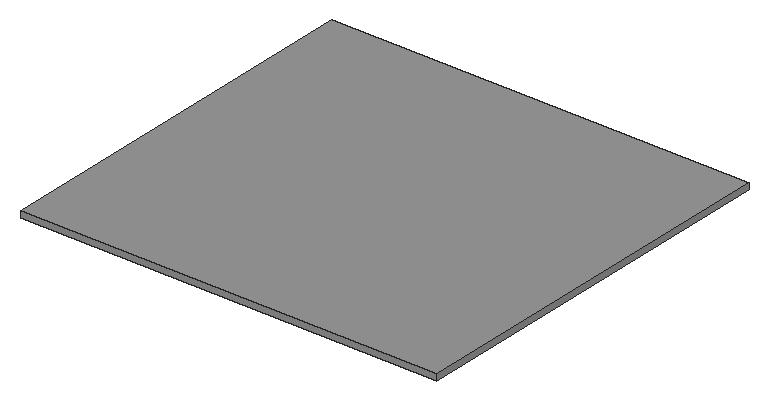
Revit family "ROTHOB_Rothoblaas_Membrane_BarrierAluNetSD150", category Structural Connections, host Face, Revit 2020
Family settings
  Host = Face
  Material for Model Behavior = Other
  OmniClass Number = 23.13.25.25
  OmniClass Title = Air Barriers
  Enable cutting in views = Yes
  Cut with Voids When Loaded = No
  Shared = No
Parameters (values of type "BARRIER ALU NET SD150")
  WaterVapourTransmition_Sd = "150 m"  # constant formula
  WarrantyStartDate [instance] = ""
  WarrantyGuarantorParts = "n/a"  # constant formula
  WarrantyGuarantorLabor = "n/a"  # constant formula
  WarrantyDurationUnit = "n/a"  # constant formula
  WarrantyDurationParts = "n/a"  # constant formula
  WarrantyDurationLabor = "n/a"  # constant formula
  WarrantyDescription = "n/a"  # constant formula
  Version = "2"  # constant formula
  UniClass2015Version = "Products v1.33"  # constant formula
  UniClass2015Title = "Polyethylene sheets"  # constant formula
  UniClass2015Code = "Pr_25_57_65_63"  # constant formula
  Tipo IFC predefinito = "USERDEFINED"  # constant formula
  SustainabilityPerformance = "n/a"  # constant formula
  Size = "n/a"  # constant formula
  Shape = "Bidimensional"  # constant formula
  Revision = "n/a"  # constant formula
  ReplacementCost = "n/a"  # constant formula
  ReactionFire = "class E"  # constant formula
  ObjectMaterial = ROTHOB_Rothoblaas_AluminizedPolyethylene
  NominalWidth = "n/a"  # constant formula
  NominalHeight = "n/a"  # constant formula
  MassUnitArea = "100 g/m2"  # constant formula
  Default Elevation = 1.2192 m
  ProductInformation = "https://www.rothoblaas.com/products/airtightness-and-waterproofing/membranes/barrier/barrier-alu-net-sd150"  # constant formula
  OmniClassVersion = "2012-05-16"  # constant formula
  OmniClassTitle = "Air Barriers"  # constant formula
  OmniClassCode = "23.13.25.25"  # constant formula
  NominalLength = "n/a"  # constant formula
  InstallationDate [instance] = ""
  Height_H [instance] = 0.064979 m
  Name = "Membrane"  # constant formula
  ModelReference = "n/a"  # constant formula
  ModelNumber = "n/a"  # constant formula
  ModelDisclaimer = "The latest version of the data sheets can be found on our website"  # constant formula
  Material = "Aluminized PE"  # constant formula
  ManufacturerURL = "www.rothoblaas.com"  # constant formula
  ManufacturerName = "ROTHO BLAAS SRL"  # constant formula
  Manufacturer = "info@rothoblaas.com"  # constant formula
  IfcExportType = "USERDEFINED"  # constant formula
  IfcExportAs = "IfcCoveringType.MEMBRANE"  # constant formula
  Length_L [instance] = 0.069455 m
  Grade = "n/a"  # constant formula
  Finish = "n/a"  # constant formula
  Features = "Flexible sheets for waterproofing"  # constant formula
  ExpectedLife = "n/a"  # constant formula
  Esporta tipo in formato IFC con nome = "IfcCoveringType.MEMBRANE"  # constant formula
  DurationUnit = "Years"  # constant formula
  Description = "Reflective vapour barrier Sd 150 m"  # constant formula
  Constituents = "n/a"  # constant formula
  Color = "Silver"  # constant formula
  CodePerformance = "CE - Construction products"  # constant formula
  Category = "Pr_25_57_65_63 - Polyethylene sheets"  # constant formula
  CETitle = "n/a"  # constant formula
  CECode = "EN 13984"  # constant formula
  BIMObjectName = "ROTHOB_Rothoblaas_Membrane_BarrierAluNetSD150"  # constant formula
  Author = "Vitor Ferronato"  # constant formula
  AssetType = "n/a"  # constant formula
  AccessibilityPerformance = "n/a"  # constant formula
Reference planes (m)
  plane 1 "Centro (Fronte/Retro)": y = 0
  plane 2: z = 0
  plane 3 "Centro (Sinistra/Destra)": x = 0
  plane 4: y = 0.03249
  plane 5: y = -0.03249
  plane 6: x = -0.034728
  plane 7: x = 0.034728
Forms (m)
  Extrusion 1, solid, material "ROTHOB_Rothoblaas_AluminizedPolyethylene" <- "ObjectMaterial"
    sketch origin (0, 0, 0) x (1, 0, 0) y (0, 1, 0)
      loop
        line (-0.034728, 0.03249) -> (-0.034728, -0.03249) -> (0.034728, -0.03249) -> (0.034728, 0.03249) -> (-0.034728, 0.03249)
    from 0 to 0.001
Dimensions and locks (m)
  equal spacing: host sketch curve, plane 3 "Centro (Sinistra/Destra)", host sketch curve
  host sketch curve to host sketch curve = 0.074414 m
  equal spacing: host sketch curve, plane 1 "Centro (Fronte/Retro)", host sketch curve
  host sketch curve to host sketch curve = 0.07 m
  equal spacing: plane 6, plane 3 "Centro (Sinistra/Destra)", plane 7
  "Length_L": plane 6 to plane 7
  equal spacing: plane 4, plane 1 "Centro (Fronte/Retro)", plane 5
  "Height_H": plane 4 to plane 5
  aligned and locked: plane 2 to host face
  aligned and locked: level to host face
  aligned and locked: Extrusion 1 sketch curve to plane 4
  aligned and locked: Extrusion 1 sketch curve to plane 5
  aligned and locked: plane 7 to Extrusion 1 sketch curve
  aligned and locked: plane 6 to Extrusion 1 sketch curve
